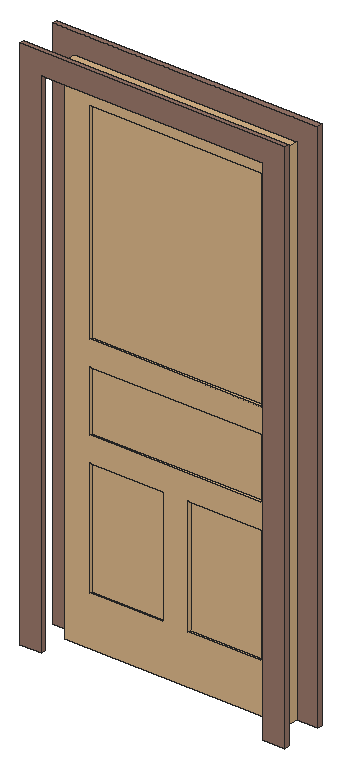
Revit family "0069_M_DR_W_single-panel 3-dbl acting", category 문, Revit 2026
Family settings
  호스트 = 벽
  항상 수직 = 예
  로드될 때 보이드를 사용하여 절단 = 아니오
  공유 = 아니오
  룸 계산 점 = 아니오
Parameters (values of type "36" x 84"")
  두께 = 0' - 2"
  조합 코드 = "C1020100"
  기능 = 내부
  Door Material = Door - Panel
  Frame Material = Door - Frame
  Height = 7' - 0"
  Rail Width - Center = 0' - 4"
  Stile Width - Center = 0' - 4"
  Trim Projection Ext. = 0' - 0 3/4"
  Trim Projection Int. = 0' - 0 3/4"
  Trim Width Ext. = 0' - 3 1/2"
  Trim Width Int. = 0' - 3 1/2"
  벽 마무리 = 호스트별
  Width = 3' - 0"
Types (8): name | 두께 | Height | Rail Width - Center | Stile Width - Center | Trim Projection Ext. | Trim Projection Int. | Trim Width Ext. | Trim Width Int. | Width
  36" x 84" | 0' - 2" | 7' - 0" | 0' - 4" | 0' - 4" | 0' - 0 3/4" | 0' - 0 3/4" | 0' - 3 1/2" | 0' - 3 1/2" | 3' - 0"
  34" x 84" | 0' - 2" | 7' - 0" | 0' - 4" | 0' - 4" | 0' - 0 3/4" | 0' - 0 3/4" | 0' - 3 1/2" | 0' - 3 1/2" | 2' - 10"
  30" x 84" | 0' - 2" | 7' - 0" | 0' - 4" | 0' - 4" | 0' - 0 3/4" | 0' - 0 3/4" | 0' - 3 1/2" | 0' - 3 1/2" | 2' - 6"
  30" x 80" | 0' - 2" | 6' - 8" | 0' - 4" | 0' - 4" | 0' - 0 3/4" | 0' - 0 3/4" | 0' - 3 1/2" | 0' - 3 1/2" | 2' - 6"
  36" x 80" | 0' - 2" | 6' - 8" | 0' - 4" | 0' - 4" | 0' - 0 3/4" | 0' - 0 3/4" | 0' - 3 1/2" | 0' - 3 1/2" | 3' - 0"
  34" x 80" | 0' - 2" | 6' - 8" | 0' - 4" | 0' - 4" | 0' - 0 3/4" | 0' - 0 3/4" | 0' - 3 1/2" | 0' - 3 1/2" | 2' - 10"
  32" x 84" | 0' - 2" | 7' - 0" | 0' - 4" | 0' - 4" | 0' - 0 3/4" | 0' - 0 3/4" | 0' - 3 1/2" | 0' - 3 1/2" | 2' - 8"
  0915 x 2134mm | 0' - 1 31/32" | 7' - 0 1/64" | 0' - 3 15/16" | 0' - 3 15/16" | 0' - 0 101/128" | 0' - 0 101/128" | 0' - 3 35/64" | 0' - 3 35/64" | 3' - 0 3/128"
Reference planes (in)
  plane 1: y = 0
  plane 2: z = 0
  plane 3: x = 0
  plane 4: x = -18
  plane 5: x = 18
  plane 6: z = 84
  plane 7: z = 79
  plane 8: z = 45
  plane 9: z = 41
  plane 10: z = 31
  plane 11: x = -14
  plane 12: x = 14
  plane 13: z = 27
  plane 14: z = 8
  plane 15: x = -2
  plane 16: x = 2
Forms (in)
  Extrusion 1, solid, material "Door - Panel" <- "Door Material"
    sketch origin (-60, -3, 0) x (1, 0, 0) y (0, 0, 1)
      loop
        line (74, 79) -> (46, 79) -> (46, 45) -> (74, 45) -> (74, 79)
      loop
        line (74, 41) -> (46, 41) -> (46, 31) -> (74, 31) -> (74, 41)
      loop
        line (46, 27) -> (46, 8) -> (58, 8) -> (58, 27) -> (46, 27)
      loop
        line (62, 27) -> (62, 8) -> (74, 8) -> (74, 27) -> (62, 27)
      loop
        line (78, 84) -> (42, 84) -> (42, 0) -> (78, 0) -> (78, 84)
    from -6 to -4
  Extrusion 2, solid, material "Door - Panel" <- "Door Material"
    sketch origin (-60, 1, 0) x (1, 0, 0) y (0, 0, 1)
      loop
        line (74, 79) -> (46, 79) -> (46, 45) -> (74, 45) -> (74, 79)
      loop
        line (74, 31) -> (74, 41) -> (46, 41) -> (46, 31) -> (74, 31)
      loop
        line (46, 27) -> (46, 8) -> (58, 8) -> (58, 27) -> (46, 27)
      loop
        line (74, 8) -> (74, 27) -> (62, 27) -> (62, 8) -> (74, 8)
    from -1.5 to -0.5
  Extrusion 3, solid, material "Door - Frame" <- "Frame Material"
    sketch origin (-60, -3, 0) x (1, 0, 0) y (0, 0, 1)
      loop
        line (38.5, 87.5) -> (38.5, 0) -> (42, 0) -> (42, 84) -> (78, 84) -> (78, 0) -> (81.5, 0) -> (81.5, 87.5) -> (38.5, 87.5)
    from 0 to 0.75
  Extrusion 4, solid, material "Door - Frame" <- "Frame Material"
    sketch origin (-60, 3, 0) x (-1, 0, 0) y (0, 0, 1)
      loop
        line (-81.5, 87.5) -> (-81.5, 0) -> (-78, 0) -> (-78, 84) -> (-42, 84) -> (-42, 0) -> (-38.5, 0) -> (-38.5, 87.5) -> (-81.5, 87.5)
    from 0 to 0.75
Lines and regions (in)
  Opening 1
    outline origin (-60, -3, 144) x (0, 0, -1) y (1, 0, 0)
      loop
        line (60, 42) -> (144, 42) -> (144, 78) -> (60, 78) -> (60, 42)
  symbolic lines, style "DoorsPanelProjection"
    curve 1: line (18, 3, 0) -> (16, 3, 0)
    curve 2: line (18, 3, 0) -> (18, 39, 0)
    curve 3: line (18, 39, 0) -> (16, 39, 0)
    curve 4: line (16, 3, 0) -> (16, 39, 0)
  symbolic lines, style "Plan Swing"
    curve 5: arc (18, 39, 0) -> (-7.45584, 28.45584, 0) -> (-18, 3, 0) r 36
  symbolic lines, style "Elevation Swing"
    curve 6: line (-18, -3, 0) -> (18, -3, 42)
    curve 7: line (-18, -3, 84) -> (18, -3, 42)
  symbolic lines, style "Dashed Line"
    curve 8: line (18, 1, 0) -> (16, 1, 0)
    curve 9: line (18, 1, 0) -> (18, -35, 0)
    curve 10: line (18, -35, 0) -> (16, -35, 0)
    curve 11: line (16, 1, 0) -> (16, -35, 0)
    curve 12: arc (-18, 1, 0) -> (-7.45584, -24.45584, 0) -> (18, -35, 0) r 36
Dimensions and locks (in)
  equal spacing: plane 4, plane 3, plane 5
  "Width": plane 4 to plane 5
  locked: host wall to curve 1
  locked: host wall to curve 5
  "Height": plane 6 to plane 2
  equal spacing: plane 6, curve 7, level
  "Stile Width - Center": plane 15 to plane 16
  plane 13 to plane 14 to host wall = 1' - 7" locked, 0' - 8" locked
  locked: plane 4 to plane 11 at 4
  locked: plane 12 to plane 5 at 4
  locked: plane 6 to plane 7 at 5
  locked: plane 9 to plane 10 at 10
  "두께": curve 4 to plane 5
  "두께": Extrusion 1 to Extrusion 1
  "두께": Extrusion 1 to host wall
  locked: Extrusion 1 to Extrusion 2 at 0.5  (x2)
  "Trim Projection Ext.": Extrusion 4 to host wall
  "Trim Projection Int.": Extrusion 3 to host wall
  "Trim Width Int.": Extrusion 3 sketch curve to plane 4
  "Trim Width Int.": plane 5 to Extrusion 3 sketch curve
  "Trim Width Int.": Extrusion 3 sketch curve to plane 6
  "Rail Width - Center": plane 13 to plane 10
  "Rail Width - Center": plane 9 to plane 8
  equal spacing: plane 15, plane 3, plane 16
  "Trim Width Ext.": plane 5 to Extrusion 4 sketch curve
  "Trim Width Ext.": Extrusion 4 sketch curve to plane 4
  "Trim Width Ext.": plane 6 to Extrusion 4 sketch curve
  aligned and locked: plane 4 to curve 6
  aligned and locked: plane 6 to curve 7
  aligned and locked: plane 12 to Extrusion 1 sketch curve  (x3)
  aligned and locked: Extrusion 1 sketch curve to plane 7
  aligned and locked: plane 8 to Extrusion 1 sketch curve
  aligned and locked: plane 11 to Extrusion 1 sketch curve  (x3)
  aligned and locked: Extrusion 1 sketch curve to plane 9
  aligned and locked: plane 10 to Extrusion 1 sketch curve
  aligned and locked: plane 13 to Extrusion 1 sketch curve  (x2)
  aligned and locked: plane 14 to Extrusion 1 sketch curve  (x2)
  aligned and locked: plane 15 to Extrusion 1 sketch curve
  aligned and locked: plane 16 to Extrusion 1 sketch curve
  aligned and locked: plane 5 to Extrusion 1 sketch curve
  aligned and locked: Extrusion 1 sketch curve to plane 6
  aligned and locked: plane 4 to Extrusion 1 sketch curve
  aligned and locked: plane 12 to Extrusion 2 sketch curve  (x3)
  aligned and locked: Extrusion 2 sketch curve to plane 7
  aligned and locked: plane 8 to Extrusion 2 sketch curve
  aligned and locked: plane 11 to Extrusion 2 sketch curve  (x2)
  aligned and locked: Extrusion 2 sketch curve to plane 10
  aligned and locked: plane 9 to Extrusion 2 sketch curve
  aligned and locked: Extrusion 2 sketch curve to plane 11
  aligned and locked: plane 13 to Extrusion 2 sketch curve  (x2)
  aligned and locked: Extrusion 2 sketch curve to Extrusion 1  (x2)
  aligned and locked: Extrusion 2 sketch curve to plane 14
  aligned and locked: Extrusion 2 sketch curve to plane 16
  aligned and locked: Extrusion 1 to host wall  (x3)
  aligned and locked: host wall to Extrusion 1
  aligned and locked: curve 8 to Extrusion 1  (x2)
  aligned and locked: curve 1 to curve 11
  aligned and locked: curve 12 to Extrusion 1
Automatic sketch dimensions
  Opening 1 sketch curve to plane 6 = 0' - 0"
  Opening 1 sketch curve to level = 0' - 0"
  Opening 1 sketch curve to plane 4 = 0' - 0"
  Opening 1 sketch curve to plane 5 = 0' - 0"
  curve 5 to plane 4 = 0' - 0"
  curve 12 to plane 4 = 0' - 0"
  curve 3 to plane 5 = 0' - 0"
  Extrusion 3 sketch curve to level = 0' - 0"  (x2)
  Extrusion 3 sketch curve to plane 4 = 0' - 0"
  Extrusion 3 sketch curve to plane 5 = 0' - 0"
  Extrusion 3 sketch curve to plane 6 = 0' - 0"
  Extrusion 4 sketch curve to level = 0' - 0"  (x2)
  Extrusion 4 sketch curve to plane 5 = 0' - 0"
  Extrusion 4 sketch curve to plane 4 = 0' - 0"
  Extrusion 4 sketch curve to plane 6 = 0' - 0"
  curve 6 to level = 0' - 0"
  curve 7 to plane 4 = 0' - 0"
  curve 7 to plane 5 = 0' - 0"
